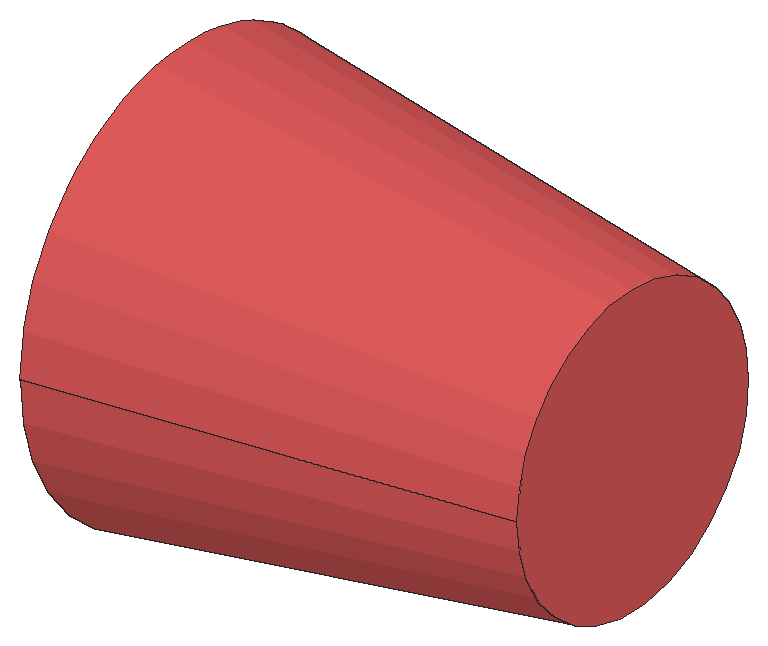
Revit family "Pam_Reducoes", category Pipe Fittings, Revit 2025
Family settings
  Round Connector Dimension = Use Diameter
  Part Type = Union
  Work Plane-Based = No
  Always vertical = No
  Cut with Voids When Loaded = No
  Shared = Yes
Parameters
  Tabela [instance] = "Duc_JGS_Reducoes"
  Nominal Radius2 [instance] = Corpo_R2  # 113.85 mm
  Nominal Radius [instance] = Corpo_R1  # 165.85 mm
  Nominal Diameter2 [instance] = 200.0 mm
  Nominal Diameter [instance] = 300.0 mm
  Material_Conexao = FoFo_PAM
  Manufacturer = "SGC"
  Loss Method = Not Defined
  K Coefficient Table = "Tee"
  EK7 [instance] = size_lookup(Tabela, "EK7", 5.2 mm, Nominal Diameter, Nominal Diameter2)  # 5.7 mm
  Description = "Reduções concecêntricas com bolsas"
  Default Elevation = 0.0 mm
  Corpo_R2 [instance] = Corpo_DE2 / 2  # 113.85 mm
  Corpo_R1 [instance] = Corpo_DE1 / 2  # 165.85 mm
  Corpo_L [instance] = size_lookup(Tabela, "Corpo_L", 200.0 mm, Nominal Diameter, Nominal Diameter2)  # 350.0 mm
  Corpo_DE2 [instance] = size_lookup(Tabela, "Bolsa_DE2", 54.2 mm, Nominal Diameter, Nominal Diameter2) + EK7  # 227.7 mm
  Corpo_DE1 [instance] = size_lookup(Tabela, "Bolsa_DE", 54.2 mm, Nominal Diameter, Nominal Diameter2) + EK7  # 331.7 mm
  Angle [instance] = 0.00°
Reference planes
  plane 1 "Center (Front/Back)": y = 0
  plane 2: z = 0
  plane 3 "Center (Left/Right)": x = 468.25
  plane 4 "EE": x = 293.25
  plane 5 "ED": x = 643.25
Forms (mm)
  SweptBlend 1, solid, material "FoFo_PAM" <- "Material_Conexao"
    path origin (0, 0, 0) x (1, 0, 0) y (0, 1, 0)
      loop
        line (293.25, 0) -> (643.25, 0)
    profile origin (293.25, 0, 0) x (0, 1, 0) y (0, 0, 1)
      loop
        circle (0, 0) r 165.85
    end profile origin (643.25, 0, 0) x (0, 1, 0) y (0, 0, 1)
      loop
        circle (0, 0) r 113.85
Dimensions and locks
  "Corpo_L": plane 4 "EE" to plane 5 "ED"
  equal spacing: plane 4 "EE", plane 3 "Center (Left/Right)", plane 5 "ED"
  "Corpo_DE1": diameter of SweptBlend 1 sketch curve
  "Corpo_DE2": diameter of SweptBlend 1 sketch curve
  aligned and locked: plane 4 "EE" to SweptBlend 1 sketch curve
  aligned and locked: plane 5 "ED" to SweptBlend 1 sketch curve
Automatic sketch dimensions
  SweptBlend 1 sketch curve to level = 0.0 mm  (x2)
  SweptBlend 1 sketch curve to profile plane = 0.0 mm  (x2)
  plane 1 "Center (Front/Back)" to SweptBlend 1 sketch curve = 0.0 mm
Connectors
  piping at (643.25, 0, 0), diameter 200, driven by "Nominal Diameter2"
    settings: on SweptBlend 1, index 1, connector inside diameter 609.6 mm, connector length 0.0 mm, flow factor 0, pipe flow 0 L/s, pressure drop 0.00 psi, fitting loss kfactor 0, connector angle 0.00°, fixture units 0, engagement length 0.0 mm, angle of deflection 0.00°, flow configuration 0, flow direction 0, fitting loss method 0, system type 7, joint type 0, gender type 0, connector reference index -1, connector utility 0, adjustable connector no, is connector primary yes, connector description ""
  piping at (293.25, 0, 0), diameter 300, driven by "Nominal Diameter"
    settings: on SweptBlend 1, index 2, connector inside diameter 609.6 mm, connector length 0.0 mm, flow factor 0, pipe flow 0 L/s, pressure drop 0.00 psi, fitting loss kfactor 0, connector angle 0.00°, fixture units 0, engagement length 0.0 mm, angle of deflection 0.00°, flow configuration 0, flow direction 0, fitting loss method 0, system type 7, joint type 0, gender type 0, connector reference index -1, connector utility 0, adjustable connector no, is connector primary no, connector description ""
